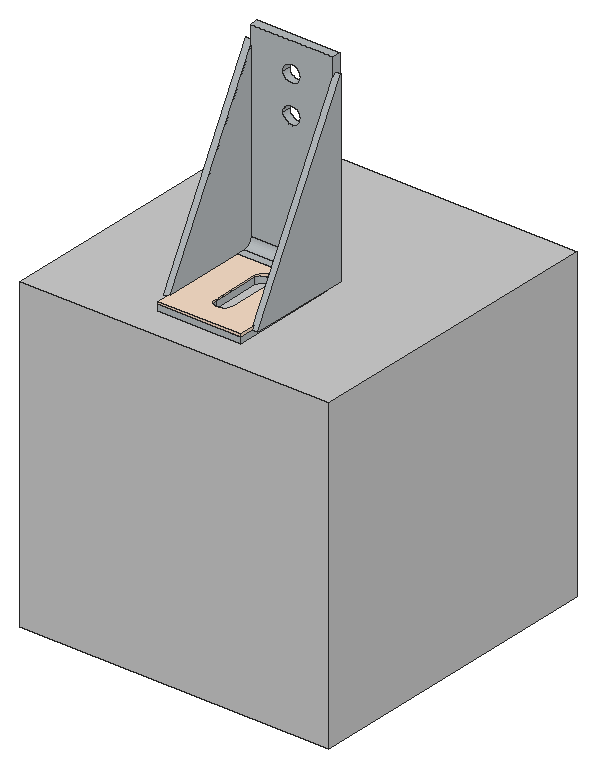
Revit family "REC-PARA2001208R", category Structural Connections, host Face, Revit 2024
Family settings
  Host = Face
  Material for Model Behavior = Steel
  Enable Cutting in Views = Yes
  Cut with Voids When Loaded = Yes
  Shared = No
Parameters (values of type "PARA2001208R")
  Visible = yes
  URL_Product_(Producto) = ""
  URL_DataSheet_(FichaTecnica) = ""
  URL_CE_Marking_(MarcadoCE) = ""
  Type IFC Predefined Type = "Brackets"
  Type Comments = ""
  URL = "https://recense.com/"
  Model = "PARA2001208R"
  Manufacturer = "RECENSE"
  Keynote_ESP = "Anclaje antivuelco para fijación de paneles a estructura de hormigón o como ménsula para la sustentación de paneles sobre forjados horizontales mediante la interposición de perfiles y/ó tornillos de anclaje expansivo."
  Keynote = "Anti-tilt anchor for fixing panels to concrete structures or as a bracket for supporting panels on horizontal slabs by means of the interposition of profiles and/or expansion anchor bolts."
  IFCExportType = Classification.Uniclass.Pr.Description  # "Brackets"
  IFCExportAs = "IfcElementAssembly"
  Fecha de Creacion: = "01/03/2024"
  Fecha Ultima Revision: = "01/03/2024"
  Export Type to IFC As = "IfcElementAssembly"
  Description_ESP = "Pletina angular reforzada antideslizante 200x120x80x8 mm, coliso 17x 64 mm en una ala y 2TØ17 mm en la otra."
  Description = "Non-slip reinforced angle plate 200x120x80x8 mm with the slotted hole 64X17 mm on one side and 2 holes Ø17 mm on another side."
  Default Elevation = 0.0 mm
  Creado por: = "Deliprogal SL"
  Cost = 0
  Classification.Uniclass.Ss.Number = ""
  Classification.Uniclass.Ss.Description = ""
  Classification.Uniclass.Pr.Number = "Pr_20_85_09"
  Classification.Uniclass.Pr.Description = "Brackets"
  Classification.Uniclass.EF.Number = ""
  Classification.Uniclass.EF.Description = ""
  Classification.Space.Number = ""
  Classification.Space.Description = ""
  Classification.Facility.Number = ""
  Classification.Facility.Description = ""
  Assembly Code = ""
Reference planes
  plane 1 "Center (Front/Back)": y = 0
  plane 2: z = 0
  plane 3 "Center (Left/Right)": x = 0
Forms (mm)
  Extrusion 1, solid, material "REC_Base"
    sketch origin (0, -719.2, 0) x (1, 0, 0) y (0, 1, 0)
      loop
        line (-150, 869.2) -> (-150, 569.2) -> (150, 569.2) -> (150, 869.2) -> (-150, 869.2)
    from 0 to -300
  Extrusion 2, solid, material "REC_Acero, S 275JR (Zincado)"
    sketch origin (0, 0, 0) x (0, -1, 0) y (0, 0, 1)
      loop
        line (16, 0) -> (120, 0) -> (120, 6) -> (24, 6) -> (24, 8) -> (16, 8)
        arc (16, 8) -> (10.343, 10.343) -> (8, 16) r 8
        line (8, 16) -> (8, 200) -> (0, 200) -> (0, 16)
        arc (0, 16) -> (4.686, 4.686) -> (16, 0) r 16
    from -40 to 40
  Extrusion 3, solid, material "REC_Denteado"
    sketch origin (0, 0, 0) x (0, -1, 0) y (0, 0, 1)
      loop
        line (120, 6) -> (120, 8) -> (24, 8) -> (24, 6) -> (120, 6)
    from -40 to 40
  Extrusion 4, void
    sketch origin (0, 0, 0) x (-1, 0, 0) y (0, -1, 0)
      loop
        arc (-8.5, 43) -> (-6.01, 36.99) -> (0, 34.5) r 8.5
        arc (0, 34.5) -> (6.01, 36.99) -> (8.5, 43) r 8.5
        line (8.5, 43) -> (8.5, 90)
        arc (8.5, 90) -> (6.01, 96.01) -> (0, 98.5) r 8.5
        arc (0, 98.5) -> (-6.01, 96.01) -> (-8.5, 90) r 8.5
        line (-8.5, 90) -> (-8.5, 43)
    from 0 to 8
  Extrusion 5, void
    sketch origin (-1.25, 0, 0) x (-1, 0, 0) y (0, 0, 1)
      loop
        circle (-1.25, 171) r 8.5
      loop
        circle (-1.25, 135) r 8.5
    from -8 to 0
  Extrusion 6, solid, material "REC_Acero, S 275JR (Zincado)"
    sketch origin (0, 25.462, 9.166) x (0, -1, 0) y (0, 0, 1)
      loop
        line (31.462, 176.834) -> (31.462, -3.166) -> (131.462, -3.166) -> (31.462, 176.834)
    from 40 to 46
  Extrusion 7, solid, material "REC_Acero, S 275JR (Zincado)"
    sketch origin (0, 25.462, 9.166) x (0, -1, 0) y (0, 0, 1)
      loop
        line (31.462, 176.834) -> (31.462, -3.166) -> (131.462, -3.166) -> (31.462, 176.834)
    from -40 to -46
Cuts and joins
  Extrusion 4, Extrusion 5 cuts Extrusion 2
  joined: Extrusion 2, Extrusion 6, Extrusion 7
  Extrusion 4 cuts Extrusion 3
Dimensions and locks
  cut or joined group of Extrusion 3, Extrusion 4 to cut or joined group of Extrusion 2, Extrusion 4, Extrusion 5, Extrusion 6, Extrusion 7 = 120.0 mm
  cut or joined group of Extrusion 2, Extrusion 4, Extrusion 5, Extrusion 6, Extrusion 7 to cut or joined group of Extrusion 2, Extrusion 4, Extrusion 5, Extrusion 6, Extrusion 7 to cut or joined group of Extrusion 3, Extrusion 4 to cut or joined group of Extrusion 3, Extrusion 4 = 8.0 mm, 16.0 mm, 96.0 mm
  cut or joined group of Extrusion 3, Extrusion 4 to cut or joined group of Extrusion 3, Extrusion 4 to cut or joined group of Extrusion 3, Extrusion 4 = 21.5 mm, 64.0 mm
  cut or joined group of Extrusion 3, Extrusion 4 to cut or joined group of Extrusion 3, Extrusion 4 to cut or joined group of Extrusion 3, Extrusion 4 to cut or joined group of Extrusion 3, Extrusion 4 = 31.5 mm, 17.0 mm, 31.5 mm
  cut or joined group of Extrusion 2, Extrusion 4, Extrusion 5, Extrusion 6, Extrusion 7 to cut or joined group of Extrusion 2, Extrusion 4, Extrusion 5, Extrusion 6, Extrusion 7 = 80.0 mm
  cut or joined group of Extrusion 2, Extrusion 4, Extrusion 5, Extrusion 6, Extrusion 7 to cut or joined group of Extrusion 2, Extrusion 4, Extrusion 5, Extrusion 6, Extrusion 7 = 20.5 mm
  cut or joined group of Extrusion 2, Extrusion 4, Extrusion 5, Extrusion 6, Extrusion 7 to cut or joined group of Extrusion 2, Extrusion 4, Extrusion 5, Extrusion 6, Extrusion 7 = 56.5 mm
  Extrusion 7 to Extrusion 7 to Extrusion 6 to Extrusion 6 = 6.0 mm, 80.0 mm, 6.0 mm
  cut or joined group of Extrusion 2, Extrusion 4, Extrusion 5, Extrusion 6, Extrusion 7 to cut or joined group of Extrusion 2, Extrusion 4, Extrusion 5, Extrusion 6, Extrusion 7 = 17.0 mm
  Extrusion 1 to cut or joined group of Extrusion 3, Extrusion 4 to cut or joined group of Extrusion 2, Extrusion 4, Extrusion 5, Extrusion 6, Extrusion 7 = 8.0 mm, 192.0 mm
  cut or joined group of Extrusion 3, Extrusion 4 to Extrusion 1 = 8.0 mm
  cut or joined group of Extrusion 2, Extrusion 4, Extrusion 5, Extrusion 6, Extrusion 7 to cut or joined group of Extrusion 2, Extrusion 4, Extrusion 5, Extrusion 6, Extrusion 7 = 8.0 mm
  aligned and locked: plane 2 to Extrusion 1
  aligned and locked: level to Extrusion 1
  aligned and locked: Extrusion 4 to level
  aligned and locked: Extrusion 4 to Extrusion 2
